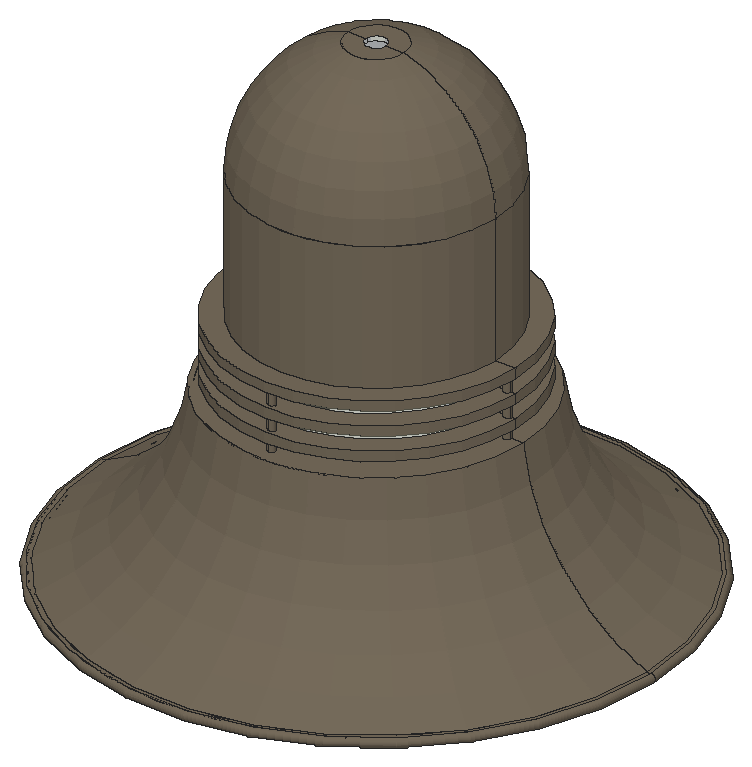
Revit family "DCR14 SHADE", category Lighting Fixtures, Revit 2024
Family settings
  Round Connector Dimension = Use Diameter
  Part Type = Normal
  OmniClass Number = 23.80.70.00
  OmniClass Title = Lighting
  Work Plane-Based = No
  Always vertical = Yes
  Cut with Voids When Loaded = No
  Light Source = Yes
  Maintain Annotation Orientation = No
  Shared = No
  Room Calculation Point = No
Parameters
  Wattage = 12.1178 W
  built-in parameter 1150110 = 1 (stored number, unit not read)
  built-in parameter 1114217 = 1 (stored number, unit not read)
  built-in parameter 1150109 = 1 (stored number, unit not read)
  built-in parameter 1150134 = (empty or 0)
  built-in parameter 1150113 = 1 (stored number, unit not read)
  Lumens = 1800 lm
  built-in parameter 1150115 = 1 (stored number, unit not read)
  built-in parameter 1150105 = 572.96 (stored number, unit not read)
  Light Source Symbol Size = 2' - 0"
  built-in parameter 1150137 = (empty or 0)
  built-in parameter 1150139 = (empty or 0)
  built-in parameter 1150112 = 1 (stored number, unit not read)
  built-in parameter 1150114 = 1 (stored number, unit not read)
  built-in parameter 1150132 = 2
  built-in parameter 1150102 = (empty or 0)
  built-in parameter 1150138 = (empty or 0)
  built-in parameter 1150107 = 3000 (stored number, unit not read)
  built-in parameter 1150106 = 5.7296 (stored number, unit not read)
  built-in parameter 1150104 = 13.8 (stored number, unit not read)
  Dimming Lamp Color Temperature Shift = (empty or 0)
  Default Elevation = 0' - 0"
  Color Filter = 16777215
  built-in parameter 1114218 = 1 (stored number, unit not read)
  built-in parameter 1150133 = 10 (stored number, unit not read)
Reference planes (in)
  plane 1 "Light Source Axis (F/B)": y = 0
  plane 2: z = 0
  plane 3 "Light Source Axis (L/R)": x = 0
  plane 4 "Light Source Elevation": z = 84
Forms (in)
  Revolve 1, solid
    sketch origin (0, 0, 0) x (1, 0, 0) y (0, 0, 1)
      loop
        line (-0.25, 96) -> (-0.6925, 96)
        arc (-0.6925, 96) -> (-2.35317, 94.94159) -> (-2.9996, 93.08143) r 2.9996
        line (-2.9996, 93.08143) -> (-2.9996, 89.8936) -> (-3.4996, 89.8936) -> (-3.4996, 89.66116) -> (-3.40585, 89.66116) -> (-3.40585, 89.79985) -> (-2.90585, 89.79985) -> (-2.90585, 93.08143)
        arc (-2.90585, 93.08143) -> (-2.283, 94.87918) -> (-0.68144, 95.90625) r 2.90585
        line (-0.68144, 95.90625) -> (-0.25, 95.90625) -> (-0.25, 96)
      loop
        line (-2.9996, 89.32541) -> (-3.4996, 89.32541) -> (-3.4996, 89.09297) -> (-3.40585, 89.09297) -> (-3.40585, 89.23166) -> (-2.9996, 89.23166) -> (-2.9996, 89.32541)
      loop
        line (-2.9996, 88.75722) -> (-3.4996, 88.75722) -> (-3.4996, 88.52478) -> (-3.40585, 88.52478) -> (-3.40585, 88.66347) -> (-2.9996, 88.66347) -> (-2.9996, 88.75722)
      loop
        line (-2.9996, 88.27637) -> (-3.7102, 88.27637)
        arc (-3.7102, 88.27637) -> (-4.6844, 85.81509) -> (-6.78961, 84.21039) r 4.93874
        line (-6.78961, 84.21039) -> (-6.8948, 84.21039)
        arc (-6.8948, 84.21039) -> (-6.96763, 84.02929) -> (-6.7897, 84.10956) r 0.1052
        arc (-6.7897, 84.10956) -> (-4.64675, 85.71012) -> (-3.62657, 88.18262) r 5.03249
        line (-3.62657, 88.18262) -> (-2.9996, 88.18262) -> (-2.9996, 88.27637)
      loop
        line (-2, 89.66116) -> (-2, 84)
        arc (-2, 84) -> (-1.41421, 82.58579) -> (0, 82) r 2
        line (0, 82) -> (0, 82.09375)
        arc (0, 82.09375) -> (-1.34792, 82.65208) -> (-1.90625, 84) r 1.90625
        line (-1.90625, 84) -> (-1.90625, 89.66116) -> (-2, 89.66116)
      axis (0, 96) -> (0, 82)
    angle from 0 to 360
  Sweep 2, solid
    path origin (0, 0, 0) x (1, 0, 0) y (0, 0, 1)
      loop
        line (-3.29235, 88.27637) -> (-3.29235, 89.79985)
    profile origin (-3.29235, 0, 89.03811) x (-1, 0, 0) y (0, -1, 0)
      loop
        circle (0, 0) r 0.09375
  Sweep 3, solid
    path origin (0, 0, 0) x (0, -1, 0) y (0, 0, 1)
      loop
        line (-3.29235, 88.27637) -> (-3.29235, 89.79985)
    profile origin (0, 3.29235, 89.03811) x (0, 1, 0) y (-1, 0, 0)
      loop
        circle (0, 0) r 0.09375
  Sweep 4, solid
    path origin (0, 0, 0) x (0, 1, 0) y (0, 0, 1)
      loop
        line (-3.29235, 88.27637) -> (-3.29235, 89.79985)
    profile origin (0, -3.29235, 89.03811) x (0, -1, 0) y (1, 0, 0)
      loop
        circle (0, 0) r 0.09375
  Sweep 5, solid
    path origin (0, 0, 0) x (-1, 0, 0) y (0, 0, 1)
      loop
        line (-3.29235, 88.27637) -> (-3.29235, 89.79985)
    profile origin (3.29235, 0, 89.03811) x (1, 0, 0) y (0, 1, 0)
      loop
        circle (0, 0) r 0.09375
Dimensions and locks (in)
  aligned and locked: plane 3 "Light Source Axis (L/R)" to imposter light
  aligned and locked: plane 1 "Light Source Axis (F/B)" to imposter light
  aligned and locked: plane 4 "Light Source Elevation" to imposter light
  aligned and locked: level to plane 2
